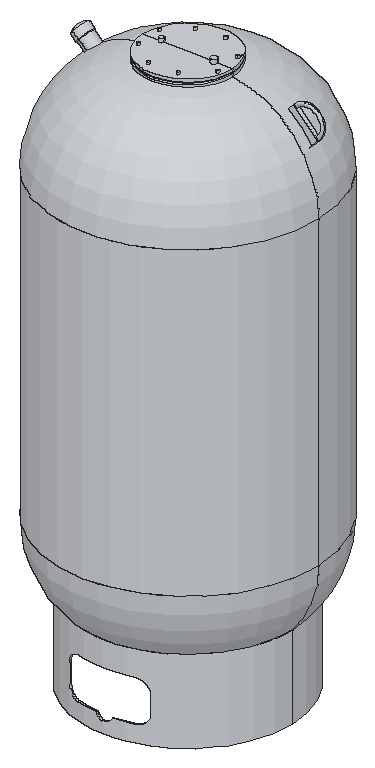
Revit family "NLA-600", category Mechanical Equipment, Revit 2014
Parameters
  VoidLength = F * 0.25  # 6"
  Void [instance] = 9.34276"
  URL = "http://westank.com/"
  Tank Volume = "360 lbs\r\n158 Gallons"
  Part Number = "22010500"
  OuterRadius = F / 2  # 12"
  Model = "NLA-600"
  Maximum Operating Temperature = "240°F"
  Maximum Operating Pressure = "125 PSIG"
  Manufacturer = "Wessels Company"
  InnerRadius = (F * 0.9844) / 2  # 11.8128"
  HandleAngle = 35.00°
  G = 5 1/4"
  F = 24"
  D = 3/4"
  C = 1 1/2"
  BottomOfTheCylinder = 6 61/256"
  B = 65"
  Approximate Shipment Weight = "360 lbs"
  AngleHeight = B * 0.7878  # 51.207"
  Angle = 35.00°
  A = 30"
Reference planes (in)
  plane 1 "Center (Front/Back)": y = 0
  plane 2: z = 0
  plane 3 "Center (Left/Right)": x = 0
  plane 4: x = -15
  plane 5: x = -3
  plane 6: x = 3
  plane 7: z = 6.23828
  plane 8: z = 33.09809
  plane 9: z = -13.90157
  plane 10: z = 33.09843
  plane 11: z = 63.85433
  plane 12: z = 64.64567
  plane 13: y = 1.9685
  plane 14: y = -1.9685
  plane 15: x = 2.1751
  plane 16: x = -2.1751
  plane 17: z = 65
  plane 18: x = 15
  plane 19: z = 51.207
  plane 20: x = -0.75
  plane 21: x = 0.75
  plane 22: x = 5.5
  plane 23: y = 0.15626
  plane 24: y = -0.15626
  plane 25: x = -15
  plane 26: x = 15
  plane 27: x = -12
  plane 28: x = 12
  plane 29: z = 64.818
  plane 30: z = 5.25
  plane 31: x = -4.67138
  plane 32: x = 4.67138
  plane 33: through (-14.375, -180, 55.332) normal (-0.733, 0, 0.6802)
  plane 34: through (5.67524, -180, 65.72933) normal (0.7071, 0, 0.7071)
Forms (in)
  Revolve 1, solid
    sketch origin (0, 0, -5.125) x (1, 0, 0) y (0, 0, 1)
      loop
        line (0, 68.97933) -> (-4.67524, 68.97933)
        arc (-4.67524, 68.97933) -> (-12.02054, 65.44995) -> (-15, 57.86492) r 11.14461
        line (-15, 57.86492) -> (-15, 22.37521)
        arc (-15, 22.37521) -> (-12.22583, 15.03449) -> (-5.29009, 11.36328) r 11.09923
        line (-5.29009, 11.36328) -> (0, 11.36328) -> (0, 68.97933)
      axis (0, 68.97933) -> (0, 11.36328)
    angle from 0 to 360
  Extrusion 2, solid
    sketch origin (0, 0, 0) x (1, 0, 0) y (0, 1, 0)
      loop
        circle (0, 0) r 12
      loop
        circle (0, 0) r 11.8128
    from 9.98158 to 0
  Revolve 3, solid
    sketch origin (0, 0, 0) x (1, 0, 0) y (0, 0, 1)
      loop
        line (0, 64.64567) -> (0, 63.85433) -> (5.11891, 63.85433) -> (5.11891, 64.10433) -> (4.86891, 64.10433) -> (4.86891, 64.38832) -> (5.11891, 64.38832) -> (5.11891, 64.64567) -> (0, 64.64567)
      axis (0, 64.64567) -> (0, 63.85433)
    angle from 0 to 360
  Extrusion 4, solid
    sketch origin (-60.41868, -180, 63.85433) x (-1, 0, 0) y (0, -1, 0)
      loop
        circle (-57.41868, -180) r 0.25
      loop
        circle (-63.41868, -180) r 0.375
    from 1.14567 to 0.79134
  Extrusion 5, solid
    sketch origin (-0.375, -180, 1.94094) x (-1, 0, 0) y (0, -1, 0)
      loop
        circle (-0.375, -180) r 0.75
    from 3.29734 to 4.29734
  Extrusion 6, solid
    sketch origin (-125.52133, 138.32342, 1.94094) x (0.743145, 0.66913, 0) y (-0.66913, 0.743145, 0)
      loop
        circle (1.625, -182.73886) r 0.14471
    from 62.87705 to 62.70472
  Extrusion 7, solid
    sketch origin (11.37747, 186.43906, 1.94094) x (0.997899, -0.064782, 0) y (0.064782, 0.997899, 0)
      loop
        circle (1.625, -182.73886) r 0.14471
    from 62.87705 to 62.70472
  Extrusion 8, solid
    sketch origin (141.40967, 122.03391, 1.94094) x (0.650395, -0.759596, 0) y (0.759596, 0.650395, 0)
      loop
        circle (1.9502, -182.35906) r 0.14471
    from 62.87705 to 62.70472
  Extrusion 9, solid
    sketch origin (186.09748, -16.02186, 1.94094) x (-0.089639, -0.995974, 0) y (0.995974, -0.089639, 0)
      loop
        circle (1.58018, -182.24087) r 0.14471
    from 62.87705 to 62.70472
  Extrusion 10, solid
    sketch origin (118.47064, -144.40803, 1.94094) x (-0.775574, -0.631257, 0) y (0.631257, -0.775574, 0)
      loop
        circle (1.625, -182.73886) r 0.14471
    from 62.87705 to 62.70472
  Extrusion 11, solid
    sketch origin (-20.65629, -185.64021, 1.94094) x (-0.99343, 0.114441, 0) y (-0.114441, -0.99343, 0)
      loop
        circle (1.625, -182.73886) r 0.14471
    from 62.87705 to 62.70472
  Extrusion 12, solid
    sketch origin (-147.31662, -114.83373, 1.94094) x (-0.611725, 0.79107, 0) y (-0.79107, -0.611725, 0)
      loop
        circle (1.93086, -182.34332) r 0.14471
    from 62.87705 to 62.70472
  Extrusion 13, solid
    sketch origin (-185.06756, 25.27789, 1.94094) x (0.139172, 0.990268, 0) y (-0.990268, 0.139172, 0)
      loop
        circle (1.55541, -182.24372) r 0.14471
    from 62.87705 to 62.70472
Cuts and joins
  joined: Revolve 1, Extrusion 2
Lines and regions (in)
  reference lines
    curve 1: line (0, 0, 51.207) -> (-5.93885, 0, 55.36543)
    curve 2: line (0, 0, 51.207) -> (5.93885, 0, 55.36543)
Dimensions and locks (in)
  equal spacing: plane 6, plane 3 "Center (Left/Right)", plane 5
  "VoidLength": plane 6 to plane 5
  "BottomOfTheCylinder": plane 7 to level
  locked: plane 12 to plane 11 at 0.79134
  equal spacing: plane 16, plane 3 "Center (Left/Right)", plane 15
  equal spacing: plane 13, plane 1 "Center (Front/Back)", plane 14
  "B": plane 17 to level
  equal spacing: plane 18, plane 3 "Center (Left/Right)", plane 4
  "A": plane 18 to plane 4
  locked: plane 5 to Extrusion 4 sketch curve at 0
  locked: Extrusion 4 sketch curve to plane 1 "Center (Front/Back)" at 0  (x2)
  locked: Extrusion 4 sketch curve to plane 6 at 0
  "C": plane 21 to plane 20
  equal spacing: plane 21, plane 3 "Center (Left/Right)", plane 20
  locked: plane 17 to plane 12 at 0.35433
  equal spacing: plane 23, curve 2, plane 24
  equal spacing: plane 26, plane 3 "Center (Left/Right)", plane 25
  "A": plane 26 to plane 25
  equal spacing: plane 28, plane 3 "Center (Left/Right)", plane 27
  "F": plane 28 to plane 27
  locked: plane 17 to plane 29 at 0.182
  locked: plane 7 to Extrusion 5 at 1
  "G": plane 30 to level
  "AngleHeight": plane 19 to level
  equal spacing: plane 32, plane 3 "Center (Left/Right)", plane 31
  "Void": plane 32 to plane 31
  "OuterRadius": radius of Extrusion 2 sketch curve
  "InnerRadius": radius of Extrusion 2 sketch curve
  "D": diameter of Extrusion 4 sketch curve
  "C": diameter of Extrusion 5 sketch curve
  "Angle": angle curve 1 to plane 19
  "HandleAngle": angle plane 19 to curve 2
  aligned and locked: level to plane 2
  aligned and locked: Extrusion 2 to level
  aligned and locked: Revolve 3 sketch curve to plane 11
  aligned and locked: plane 12 to Revolve 3 sketch curve
  aligned and locked: Revolve 3 sketch curve to plane 3 "Center (Left/Right)"  (x2)
  aligned and locked: Revolve 1 sketch curve to plane 11
  aligned and locked: plane 4 to Revolve 1 sketch curve
  aligned and locked: Extrusion 4 to plane 12
  aligned and locked: plane 17 to Extrusion 4
  aligned and locked: plane 3 "Center (Left/Right)" to curve 1
  aligned and locked: plane 19 to curve 1
  aligned and locked: plane 19 to curve 2
  aligned and locked: plane 3 "Center (Left/Right)" to curve 2
  aligned and locked: plane 7 to Extrusion 5
  aligned and locked: Extrusion 12 to Extrusion 13
  aligned and locked: Extrusion 6 to Extrusion 13
  aligned and locked: Extrusion 11 to Extrusion 6
  aligned and locked: Extrusion 7 to Extrusion 11
  aligned and locked: Extrusion 10 to Extrusion 7
  aligned and locked: Extrusion 8 to Extrusion 10
  aligned and locked: Extrusion 9 to Extrusion 10
  aligned and locked: Extrusion 8 to Extrusion 9
  aligned and locked: Extrusion 10 to Extrusion 9
  aligned and locked: Extrusion 7 to Extrusion 9
  aligned and locked: Extrusion 11 to Extrusion 9
  aligned and locked: Extrusion 6 to Extrusion 9
  aligned and locked: Extrusion 12 to Extrusion 6
  aligned and locked: Extrusion 13 to Extrusion 6
  aligned and locked: plane 29 to Extrusion 12
  aligned and locked: Extrusion 12 to Revolve 3
  aligned and locked: plane 1 "Center (Front/Back)" to nested 2
  aligned and locked: nested 2 to plane 3 "Center (Left/Right)"
  aligned and locked: plane 1 "Center (Front/Back)" to nested 3
Automatic sketch dimensions
  Revolve 3 sketch curve to plane 11 = 0"
  plane 11 to Revolve 3 sketch curve = 1/4"
  plane 6 to Revolve 3 sketch curve = 1.86891"
  Revolve 3 sketch curve to Revolve 3 sketch curve = 1/4"  (x2)
  Revolve 3 sketch curve to plane 12 = 0.25735"
  Revolve 3 sketch curve to Revolve 3 sketch curve = 1/2"
  Revolve 1 sketch curve to plane 3 "Center (Left/Right)" = 0"  (x2)
  Revolve 1 sketch curve to plane 5 = 0.90077"
  Revolve 1 sketch curve to plane 5 = 0.85539"
  Revolve 1 sketch curve to plane 5 = 1.67524"
  Revolve 1 sketch curve to plane 5 = 2.29009"
  Revolve 1 sketch curve to level = 2.26259"
  Revolve 1 sketch curve to plane 11 = 1.77165"
  Revolve 1 sketch curve to plane 7 = 0"
  plane 16 to Extrusion 6 sketch curve = 0.13744"
  plane 13 to Extrusion 6 sketch curve = 1.64072"
  plane 21 to Extrusion 7 sketch curve = 0.41095"
  plane 13 to Extrusion 7 sketch curve = 2.01028"
  Extrusion 8 sketch curve to plane 13 = 0.02145"
  plane 6 to Extrusion 8 sketch curve = 1.1589"
  plane 14 to Extrusion 9 sketch curve = 0.70873"
  plane 6 to Extrusion 9 sketch curve = 1.44861"
  Extrusion 10 sketch curve to plane 15 = 0.31987"
  Extrusion 10 sketch curve to plane 14 = 1.7378"
  Extrusion 11 sketch curve to plane 20 = 0.60782"
  Extrusion 11 sketch curve to plane 14 = 1.94747"
  plane 14 to Extrusion 12 sketch curve = 0.20625"
  Extrusion 12 sketch curve to plane 5 = 1.2514"
  Extrusion 13 sketch curve to plane 13 = 0.51348"
  Extrusion 13 sketch curve to plane 5 = 1.38091"
  Extrusion 2 sketch curve to Extrusion 2 sketch curve = 0"  (x2)
  plane 1 "Center (Front/Back)" to Extrusion 2 sketch curve = 0"
  Extrusion 2 sketch curve to plane 3 "Center (Left/Right)" = 0"
  plane 1 "Center (Front/Back)" to Extrusion 5 sketch curve = 0"
  Extrusion 5 sketch curve to plane 3 "Center (Left/Right)" = 0"
  radius of Extrusion 6 sketch curve = 0.14471"
  radius of Extrusion 7 sketch curve = 0.14471"
  radius of Extrusion 8 sketch curve = 0.14471"
  radius of Extrusion 9 sketch curve = 0.14471"
  radius of Extrusion 10 sketch curve = 0.14471"
  radius of Extrusion 11 sketch curve = 0.14471"
  radius of Extrusion 12 sketch curve = 0.14471"
  radius of Extrusion 13 sketch curve = 0.14471"
  radius of Extrusion 4 sketch curve = 1/4"
Nested families (in)
  nested 1: "BottomVoid" at (-0.00897, -12, 4.36015) x (1, -0.0007, 0) z (-0.0007, -1, 0), VoidLength <- "Void", type "BottomVoid"
    with VoidLength 9.34276", VoidHeight 4.86049"
  nested 2: "ElbowConnector" at (0, 0, 5.23828) x (0, -1, 0) z (0, 0, 1), PipeDiameter <- "C", type "ElbowConnector"
    with PipeDiameter 1 1/2", NutDiameter 1 7/8"
  nested 3: "TopConnector" at (-9.70678, 0, 60.36223) x (0, -1, 0) z (-0.733, 0, 0.6802), type "TopConnector"
  nested 4: "Hook" at (11.36629, 1.65626, 60.03828) x (-0.7071, 0, 0.7071) z (0.7071, 0, 0.7071), type "Hook"
Connectors (in)
  piping at (3, 0, 65), diameter 0.75, driven by "D"
    settings: on Extrusion 4, index 3, connector inside diameter 24", connector length 0", flow factor 0, pipe flow 0 GPM, pressure drop 0.00 psi, fitting loss kfactor 0, connector angle 0.00°, fixture units 0, engagement length 0", angle of deflection 0.00°, flow configuration 0, flow direction 0, fitting loss method 0, system type 19, joint type 0, gender type 0, connector reference index -1, connector utility 0, adjustable connector no, is connector primary yes, connector description ""
  piping at (0, -1.35433, 3.23828), diameter 1.5, driven by "C"
    settings: on nested 2, index 4, connector inside diameter 24", connector length 0", flow factor 0, pipe flow 0 GPM, pressure drop 0.00 psi, fitting loss kfactor 0, connector angle 0.00°, fixture units 0, engagement length 0", angle of deflection 0.00°, flow configuration 0, flow direction 0, fitting loss method 0, system type 7, joint type 0, gender type 0, connector reference index -1, connector utility 0, adjustable connector no, is connector primary no, connector description ""
Definition of nested family "ElbowConnector"
  Parameters (values of type "ElbowConnector")
    PipeDiameter [instance] = 2"
    NutDiameter [instance] = PipeDiameter * 1.25  # 2 1/2"
    Default Elevation = 48"
  Reference planes (in)
    plane 1 "Center (Front/Back)": y = 0
    plane 2: z = 0
    plane 3 "Center (Left/Right)": x = 0
    plane 4: y = 12.38632
    plane 5: x = 2
    plane 6: z = -2
    plane 7: z = -0.64561
    plane 8: z = 0.64561
    plane 9: z = -1.12604
    plane 10: x = 0.70866
    plane 11: x = 0.70866
    plane 12: x = 1.35433
  Forms (in)
    Extrusion 1, solid
      sketch origin (0, 0, 0) x (1, 0, 0) y (0, 1, 0)
        loop
          line (-48, 48) -> (-48, -48) -> (48, -48) -> (48, 48) -> (-48, 48)
      from 0 to -12
    Sweep 2, solid
      path origin (0, 0, 0) x (1, 0, 0) y (0, 0, 1)
        loop
          line (0, 0) -> (0, -0.67719)
          arc (0, -0.67719) -> (0.38744, -1.61256) -> (1.32281, -2) r 1.32281
          line (1.32281, -2) -> (1.35433, -2)
      profile origin (0, 0, -0.3386) x (0, -1, 0) y (1, 0, 0)
        loop
          circle (0, 0) r 1
    Extrusion 3, solid
      sketch origin (0.88583, -180, 0.64561) x (1, 0, 0) y (0, 1, 0)
        loop
          circle (-0.88583, 180) r 1.25
      from 0 to -1.29123
    Extrusion 4, solid
      sketch origin (1.35433, 0, -2) x (0, -1, 0) y (0, 0, -1)
        loop
          circle (0, 0) r 1.25
      from 0.64567 to -0.64567
  Dimensions and locks (in)
    locked: plane 5 to plane 3 "Center (Left/Right)" at 2
    "PipeDiameter": diameter of Sweep 2 sketch curve
    "NutDiameter": diameter of Extrusion 3 sketch curve
    "NutDiameter": diameter of Extrusion 4 sketch curve
    aligned and locked: plane 2 to Extrusion 1
    aligned and locked: level to Extrusion 1
    aligned and locked: plane 7 to Extrusion 3
    aligned and locked: plane 2 to Sweep 2 sketch curve
    aligned and locked: plane 12 to Sweep 2 sketch curve
    aligned and locked: plane 5 to Extrusion 4
  Automatic sketch dimensions
    Extrusion 1 sketch curve to Extrusion 1 sketch curve = 96"  (x2)
    Sweep 2 sketch curve to plane 3 "Center (Left/Right)" = 0"
    Sweep 2 sketch curve to plane 6 = 0"
    plane 7 to Sweep 2 sketch curve = 0.03158"
    plane 1 "Center (Front/Back)" to Sweep 2 sketch curve = 0"
    Sweep 2 sketch curve to profile plane = 0"
    plane 1 "Center (Front/Back)" to Extrusion 3 sketch curve = 0"
    Extrusion 3 sketch curve to plane 3 "Center (Left/Right)" = 0"
Definition of nested family "TopConnector"
  Parameters (values of type "TopConnector")
    Default Elevation = 48"
  Reference planes (in)
    plane 1 "Center (Front/Back)": y = 0
    plane 2: z = 0
    plane 3 "Center (Left/Right)": x = 0
    plane 4: x = -1.03346
    plane 5: x = 1.03346
  Forms (in)
    Extrusion 1, solid
      sketch origin (0, 0, 0) x (1, 0, 0) y (0, 1, 0)
        loop
          line (-48, 48) -> (-48, -48) -> (48, -48) -> (48, 48) -> (-48, 48)
      from 0 to -12
    Revolve 2, solid
      sketch origin (0, 0, 0) x (1, 0, 0) y (0, 0, 1)
        loop
          line (0, 0) -> (0.90481, 0) -> (0.90481, 2.70509) -> (1.03346, 2.70509) -> (1.03346, 3.58595)
          arc (1.03346, 3.58595) -> (0.53755, 3.80669) -> (0, 3.88222) r 1.95064
          line (0, 3.88222) -> (0, 0)
        axis (0, 3.88222) -> (0, 0)
      angle from 0 to 360
  Dimensions and locks (in)
    equal spacing: plane 5, plane 3 "Center (Left/Right)", plane 4
    aligned and locked: plane 2 to Extrusion 1
    aligned and locked: level to Extrusion 1
    aligned and locked: Revolve 2 sketch curve to plane 5
    aligned and locked: plane 2 to Revolve 2 sketch curve
    aligned and locked: plane 3 "Center (Left/Right)" to Revolve 2 sketch curve
    aligned and locked: Revolve 2 sketch curve to plane 3 "Center (Left/Right)"
  Automatic sketch dimensions
    Extrusion 1 sketch curve to Extrusion 1 sketch curve = 96"  (x2)
    Revolve 2 sketch curve to Revolve 2 sketch curve = 0.12866"
    Revolve 2 sketch curve to Revolve 2 sketch curve = 1.93158"
    Revolve 2 sketch curve to Revolve 2 sketch curve = 0.77351"
    Revolve 2 sketch curve to Revolve 2 sketch curve = 0.88086"
    Revolve 2 sketch curve to level = 0.20685"
    Revolve 2 sketch curve to Revolve 2 sketch curve = 0.5008"
Definition of nested family "Hook"
  Parameters (values of type "Hook")
    Length = 3.93701"
    Height = 1.37795"
    Depth = 0.3937"
    Default Elevation = 48"
    CircleDiameter = Length * 0.1  # 0.3937"
  Reference planes (in)
    plane 1 "Center (Front/Back)": y = 0
    plane 2: z = 0
    plane 3 "Center (Left/Right)": x = 0
    plane 4: y = 0.19685
    plane 5: y = -0.19685
    plane 6: x = -1.9685
    plane 7: x = 1.9685
    plane 8: z = 1.37795
    plane 9: x = -1.5748
    plane 10: x = 1.5748
    plane 11: x = -1.77165
    plane 12: x = 1.77165
    plane 13: z = 3.15368
  Forms (in)
    Extrusion 1, solid
      sketch origin (0, 0, 0) x (1, 0, 0) y (0, 1, 0)
        loop
          line (-48, 48) -> (-48, -48) -> (48, -48) -> (48, 48) -> (-48, 48)
      from 0 to -12
    Extrusion 2, solid
      sketch origin (0, 0, 0) x (1, 0, 0) y (0, 1, 0)
        loop
          line (-1.9685, 0.19685) -> (-1.9685, -0.19685) -> (1.9685, -0.19685) -> (1.9685, 0.19685) -> (-1.9685, 0.19685)
      from 0 to 1.37795
    Sweep 3, solid
      path origin (0, 0, 0) x (1, 0, 0) y (0, 0, 1)
        loop
          arc (-1.77165, 1.37795) -> (0, 3.14961) -> (1.77165, 1.37795) r 1.77165
      profile origin (0, 0, 3.14961) x (0, 0, 1) y (0, -1, 0)
        loop
          circle (0, 0) r 0.19685
  Dimensions and locks (in)
    equal spacing: plane 4, plane 1 "Center (Front/Back)", plane 5
    "Depth": plane 4 to plane 5
    equal spacing: plane 6, plane 3 "Center (Left/Right)", plane 7
    "Length": plane 6 to plane 7
    "Height": plane 8 to Extrusion 1
    locked: plane 1 "Center (Front/Back)" to Sweep 3 sketch curve at 0
    equal spacing: plane 9, plane 11, plane 6
    equal spacing: plane 7, plane 12, plane 10
    locked: plane 7 to plane 12 at 0.19685
    locked: plane 11 to plane 6 at 0.19685
    "CircleDiameter": diameter of Sweep 3 sketch curve
    aligned and locked: plane 2 to Extrusion 1
    aligned and locked: level to Extrusion 1
    aligned and locked: Extrusion 2 sketch curve to plane 4
    aligned and locked: plane 6 to Extrusion 2 sketch curve
    aligned and locked: plane 5 to Extrusion 2 sketch curve
    aligned and locked: Extrusion 2 sketch curve to plane 7
    aligned and locked: plane 8 to Extrusion 2
    aligned and locked: plane 8 to Sweep 3 sketch curve  (x2)
    aligned and locked: plane 11 to Sweep 3 sketch curve
    aligned and locked: plane 12 to Sweep 3 sketch curve
  Automatic sketch dimensions
    Extrusion 1 sketch curve to Extrusion 1 sketch curve = 96"  (x2)
    Extrusion 2 sketch curve to plane 6 = 0"
    profile plane to Sweep 3 sketch curve = 0"
